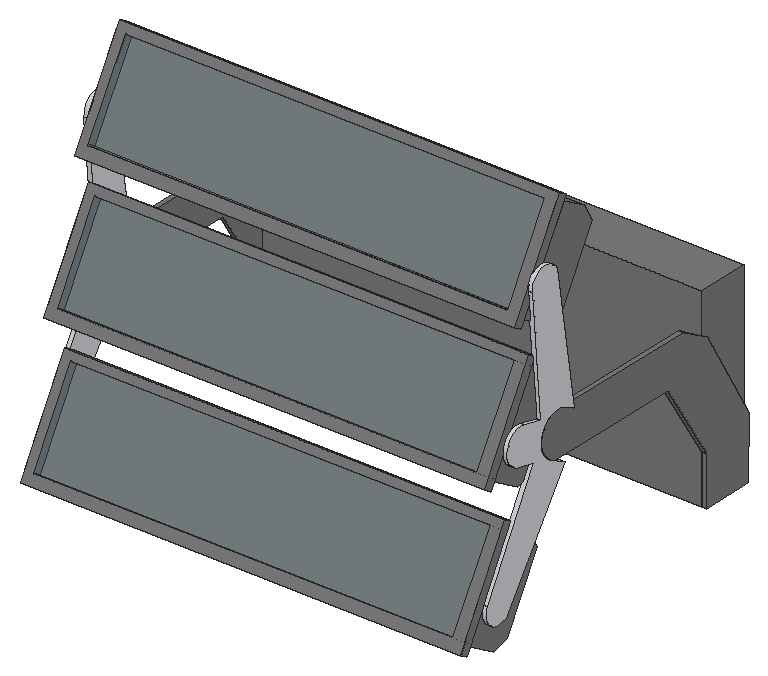
Revit family "Lighting-Floodlights-GEWISS-SPATIUMPRO3-LED-FLOODLIGHT_OPTIC-CIRCULAR_3MODULES", category Apparecchi per illuminazione, host Superficie, Revit 2019
Family settings
  Host = Superficie
  Quota connettore circolare = Usa diametro
  Tipo di parte = Normale
  Taglio con vuoti quando caricato = No
  Sorgente d'illuminazione = Sì
  Condiviso = Sì
  Punto di calcolo locali = Sì
Parameters (values of type "GWP3333AF857 - SPATIUM PRO 3M CL.I C1 CRI 80 5700K")
  larghezza lampada = Lugnezza massima - 24 mm  # 50 mm
  Wiring = "Watertight connector between floodlight and supply unit"
  Weight (kg): = "30 "
  Wattage = 9.2903 W
  Warranty = "5 years"
  Visibilità etichetta [instance] = yes
  Visibilità simbolo [instance] = yes
  Visibilità lampada in pianta [instance] = yes
  Versions = "Cold light 5700K"
  Version file RFA = "21.9"
  Variazione temperatura colore lampada con luminosità attenuata = <Nessuno>
  Unique digital code (Datamatrix) = "Currently not present"
  Unified Glare Rating = "ULOR = 0%"
  URL = "https://www.gewiss.com/ww/en"
  Type of light source = "LED - Not replaceable"
  Tilt- = "Rotation on bracket with integrated goniometer"
  built-in parameter 1150107 = 3200 (stored number, unit not read)
  Technical sheet = "https://www.gewiss.com/ww/en/search?q=GWP3333AF857"
  System power = "1200 W"
  Supply voltage = "See external supply unit"
  Standard- = "EN 60598-1; EN 60598-2-5; IEC/TR 62778; EN 62493"
  Standard Deviation Colour Matching = "SDCM = 5"
  Spostamento_x_effettivo [instance] = 4000 mm - Spostamento_x  # 4000 mm
  Spostamento_x [instance] = 0 mm
  Spostamento_y_effettivo [instance] = 4000 mm - Spostamento_y  # 4000 mm
  Spostamento_y [instance] = 0 mm
  Shock resistance = "IK08"
  Shield type = "Flat tempered glass 4mm"
  Realized by GEWISS S.p.A. = ""
  Rated frequency (Hz) = "See external supply unit"
  ROTAZIONE [instance] = 45
  built-in parameter 1150110 = 1 (stored number, unit not read)
  built-in parameter 1150109 = 1 (stored number, unit not read)
  built-in parameter 1114218 = 1 (stored number, unit not read)
  built-in parameter 1150112 = 1 (stored number, unit not read)
  POSIZIONE = 80000  # constant formula
  Overvoltage protection = "See external supply unit"
  Optic Maintenance = "Not available"
  Optic : = "Lens T.I.R.Ex. in PMMA HT"
  Optic = "Circular 40°"
  Operating temperature : = "-25 +50 °C"
  built-in parameter 1150142 = (empty or 0)
  Mouting and installation = "High-mast lighting - Wall mounting"
  built-in parameter 1150137 = (empty or 0)
  built-in parameter 1150132 = (empty or 0)
  Maximum surface exposed to the wind : = "0,36 m²"
  Luminaire = "High power LED floodlight"
  Lumen output (lm) = "127000 "
  Lugnezza massima = 74 mm
  Default Elevation = 1219.2 mm
  Produttore = "GEWISS S.p.A."
  Modello = "GWP3333AF857"
  Lifetime = "L90B10(Tq25°C)>100.000h; L80B10(Tq25°C)>150.000h"
  LED Maintenance = "Yes"
  built-in parameter 1150105 = 109.82 (stored number, unit not read)
  built-in parameter 1150102 = (empty or 0)
  Insulation class = "I"
  Immagine tipo = SPATIUMpro3.jpg
  built-in parameter 1150106 = 1.0982 (stored number, unit not read)
  IPEA = "LARGE AREAS = A+ // GREEN AREAS = A"
  IP degree = "IP66"
  IDT = "a1f27a78-0029-43aa-8729-98272c78300a"
  IDF = "6479fb06-fd1c-4db0-b01e-e80072d6b773"
  Gasket = "Anti-aging silicone"
  Lumens = 1380 lm
  Fixing = "Bracket"
  Color Filter = 16777215
  File diagramma fotometrico = "generic"
  built-in parameter 1114217 = 1 (stored number, unit not read)
  built-in parameter 1150139 = (empty or 0)
  External screw = "Stainless steel"
  Emetti da lunghezza linea = 609.6 mm
  Efficiency (lm/W) = "106 "
  built-in parameter 1150104 = 13.8 (stored number, unit not read)
  EAN code = ""
  Driver failure rate = "See external supply unit"
  Driver Box = "External"
  Driver = "To be ordered separately"
  Distanza dal host [instance] = 0 mm
  built-in parameter 1150115 = 1 (stored number, unit not read)
  built-in parameter 1150114 = 1 (stored number, unit not read)
  built-in parameter 1150113 = 1 (stored number, unit not read)
  Descrizione = "SPATIUM PRO 3M CL.I C1 CRI 80 5700K"
  Control System = "See external supply unit"
  Context = "Big areas"
  Colour temperature = "5700 K"
  Colour : = "Polyester powder coated"
  Colour = "Graphite grey"
  built-in parameter 1150134 = 3
  built-in parameter 1150138 = (empty or 0)
  Color Rendering Index = "CRI 80"
  Catalogue = "LIGHTING"
  COBie.Tagnumber = ""
  COBie.CreatedOn = ""
  COBie.CreatebBy = ""
  COBie.ComponentRegisterItemID = ""
  COBie.Component.TagNumber = ""
  COBie.Component.Space = ""
  COBie.Component.SerialNumber = ""
  COBie.Component.InstallationDate = ""
  COBie.Component.Description = ""
  COBie.Component.BarCode = ""
  Body = "Die-cast aluminium"
  Application = "Indoor / Outdoor"
  Tilt Angle = 60.00°
  built-in parameter 1150133 = 10 (stored number, unit not read)
Types (6, lengths in mm): name | Versions | Technical sheet | Lumen output (lm) | Modello | IPEA | IDT | Efficiency (lm/W) | Descrizione | Colour temperature | Color Rendering Index
  GWP3333AF730 - SPATIUM PRO 3M CL.I C1 CRI 70 3000K | "Hot light 3000K" | "https://www.gewiss.com/ww/en/search?q=GWP3333AF730" | "138000 " | "GWP3333AF730" | "LARGE AREAS = A++ // GREEN AREAS = A+" | "b1a65a4a-98e1-45ef-8753-f5cb49434af0" | "115 " | "SPATIUM PRO 3M CL.I C1 CRI 70 3000K" | "3000 K" | "CRI70"
  GWP3333AF740 - SPATIUM PRO 3M CL.I C1 CRI 70 4000K | "Natural light 4000K" | "https://www.gewiss.com/ww/en/search?q=GWP3333AF740" | "147000 " | "GWP3333AF740" | "LARGE AREAS = A3+ // GREEN AREAS = A+" | "a063a198-b9e4-4eae-aa51-8c6539e2b947" | "123 " | "SPATIUM PRO 3M CL.I C1 CRI 70 4000K" | "4000 K" | "CRI70"
  GWP3333AF757 - SPATIUM PRO 3M CL.I C1 CRI 70 5700K | "Cold light 5700K" | "https://www.gewiss.com/ww/en/search?q=GWP3333AF757" | "147000 " | "GWP3333AF757" | "LARGE AREAS = A3+ // GREEN AREAS = A+" | "975b7f27-620c-4565-9b32-e8f6498ea203" | "123 " | "SPATIUM PRO 3M CL.I C1 CRI 70 5700K" | "5700 K" | "CRI70"
  GWP3333AF830 - SPATIUM PRO 3M CL.I C1 CRI 80 3000K | "Hot light 3000K" | "https://www.gewiss.com/ww/en/search?q=GWP3333AF830" | "123000 " | "GWP3333AF830" | "LARGE AREAS = A // GREEN AREAS = B" | "52302ccf-0e7f-4a6b-b8be-64b50492513e" | "103 " | "SPATIUM PRO 3M CL.I C1 CRI 80 3000K" | "3000 K" | "CRI 80"
  GWP3333AF840 - SPATIUM PRO 3M CL.I C1 CRI 80 4000K | "Natural light 4000K" | "https://www.gewiss.com/ww/en/search?q=GWP3333AF840" | "127000 " | "GWP3333AF840" | "LARGE AREAS = A+ // GREEN AREAS = A" | "18c3d61b-6598-498d-88ae-16183cf15296" | "106 " | "SPATIUM PRO 3M CL.I C1 CRI 80 4000K" | "4000 K" | "CRI 80"
  GWP3333AF857 - SPATIUM PRO 3M CL.I C1 CRI 80 5700K | "Cold light 5700K" | "https://www.gewiss.com/ww/en/search?q=GWP3333AF857" | "127000 " | "GWP3333AF857" | "LARGE AREAS = A+ // GREEN AREAS = A" | "a1f27a78-0029-43aa-8729-98272c78300a" | "106 " | "SPATIUM PRO 3M CL.I C1 CRI 80 5700K" | "5700 K" | "CRI 80"
Reference planes
  plane 1 "Centro (Fronte/Retro)": y = 0
  plane 2: z = 0
  plane 3 "Centro (Sinistra/Destra)": x = 0
  plane 4: x = -4000
  plane 5: x = 0
  plane 6: x = 0
  plane 7: y = -4000
  plane 8: y = 0
  plane 9 "a": through (0, -290.182, 34.975) normal (0, -0.7071, 0.7071)
  plane 10: through (-235.047, -128.222, 1219.2) normal (-0.9563, 0.2924, 0)
  plane 11: through (-40, -89.462, 1219.2) normal (0.1564, 0.9877, 0)
  plane 12: through (239.503, 190.64, 1219.2) normal (0.9563, -0.2924, 0)
Dimensions and locks
  plane 4 to plane 3 "Centro (Sinistra/Destra)" = 4000 mm  (x2)
  "Spostamento_x_effettivo": plane 4 to plane 5
  "Spostamento_x_effettivo": plane 6 to plane 4
  "Spostamento_y_effettivo": plane 8 to plane 7
  plane 1 "Centro (Fronte/Retro)" to plane 7 = 4000 mm
  angle plane 11 to plane 12 = 82.00°  (x2)
  angle plane 10 to plane 11 = 98.00°
  aligned and locked: plane 2 to host face
  aligned and locked: level to host face
  aligned and locked: plane 6 to nested 1
  aligned and locked: nested 1 to plane 8
  aligned and locked: plane 8 to nested 2
  aligned and locked: imposter light to nested 2
Automatic sketch dimensions
  host sketch curve to host sketch curve = 2438.4 mm  (x2)
Nested families
  nested 1: "Etichetta light" at (0, 0, 0), visible <- "Visibilità etichetta", type "Etichetta light"
  nested 2: "STADIUM PRO 3_led" at (0, -90, 0), type "STADIUM PRO 3_led"
Definition of nested family "STADIUM PRO 3_led"
  Parameters (values of type "STADIUM PRO 3_led")
    led = none
    l_proiettore = 772 mm
    h_lampada = 58 mm
    Finitura struttura = none
  Reference planes
    plane 1 "Centro (Fronte/Retro)": y = 0
    plane 2: z = 0
    plane 3 "Centro (Sinistra/Destra)": x = 0
    plane 4: x = 386
    plane 5: x = 378
    plane 6: x = -386
    plane 7: x = -378
    plane 8: y = 90
  Forms (mm)
    Extrusion 1, solid, material <- "Finitura struttura"
      sketch origin (0, 0, 0) x (0, 1, 0) y (0, 0, -1)
        loop
          arc (-316.352, -217.267) -> (-353.722, -254.637) -> (-316.352, -292.007) r 37.37
          line (-316.352, -292.007) -> (-48.852, -292.007) -> (0, -263.802) -> (90, -107.918) -> (90, 0) -> (0, 0) -> (0, -85) -> (-82.649, -217.267) -> (-316.352, -217.267)
      from 378 to 386
    Extrusion 2, solid, material <- "Finitura struttura"
      sketch origin (0, 0, 0) x (1, 0, 0) y (0, 1, 0)
        loop
          line (378, 0) -> (378, 90) -> (-378, 90) -> (-378, 0) -> (378, 0)
      from 0 to 333
    Extrusion 3, solid, material <- "Finitura struttura"
      sketch origin (0, 0, 0) x (0, 1, 0) y (0, 0, 1)
        loop
          line (-316.352, 217.267) -> (-82.649, 217.267) -> (0, 85) -> (0, 0) -> (90, 0) -> (90, 107.918) -> (0, 263.802) -> (-48.852, 292.007) -> (-316.352, 292.007)
          arc (-316.352, 292.007) -> (-353.722, 254.637) -> (-316.352, 217.267) r 37.37
      from 378 to 386
    Extrusion 4, solid, material <- "led"
      sketch origin (0, 1268.525, -1383.744) x (0, 0.866025, -0.5) y (0, 0.5, 0.866025)
        loop
          line (-2238.14, 322.274) -> (-2223.14, 322.274) -> (-2223.14, 482.274) -> (-2238.14, 482.274) -> (-2238.14, 322.274)
      from -378 to 378
    Extrusion 5, solid, material <- "Finitura struttura"
      sketch origin (0, 1262.235, -1379.076) x (0, 0.866025, -0.5) y (0, 0.5, 0.866025)
        loop
          line (-2215.359, 316.368) -> (-2156.261, 316.368) -> (-2135.048, 337.581) -> (-2135.048, 467.581) -> (-2165.359, 485.081) -> (-2215.359, 485.081) -> (-2215.359, 316.368)
      from -378 to 378
    Extrusion 6, solid, material <- "Finitura struttura"
      sketch origin (0, -28.39, -231.475) x (1, 0, 0) y (0, 0.5, 0.866025)
        loop
          line (-378, 146.542) -> (-378, -45.315) -> (378, -45.315) -> (378, 146.542) -> (-378, 146.542)
        loop
          line (-362.033, 132.837) -> (-362.033, -27.163) -> (357.967, -27.163) -> (357.967, 132.837) -> (-362.033, 132.837)
      from 523.844 to 538.844
    Extrusion 7, solid, material <- "Finitura struttura", not visible
      sketch origin (0, 1866.103, -348.539) x (0, 1, 0) y (0, 0, 1)
        loop
          line (-2215.359, 316.368) -> (-2156.261, 316.368) -> (-2135.048, 337.581) -> (-2135.048, 467.581) -> (-2165.359, 485.081) -> (-2215.359, 485.081) -> (-2215.359, 316.368)
      from -378 to 378
    Extrusion 8, solid, material <- "Finitura struttura", not visible
      sketch origin (0, 0, 0) x (1, 0, 0) y (0, 0, 1)
        loop
          line (-378, 146.542) -> (-378, -45.315) -> (378, -45.315) -> (378, 146.542) -> (-378, 146.542)
        loop
          line (-362.033, 132.837) -> (-362.033, -27.163) -> (357.967, -27.163) -> (357.967, 132.837) -> (-362.033, 132.837)
      from 349.256 to 364.256
    Extrusion 9, solid, material <- "Finitura struttura"
      sketch origin (0, 1313.7, -1147.467) x (0, 0.866025, -0.5) y (0, 0.5, 0.866025)
        loop
          line (-2215.359, 316.368) -> (-2156.261, 316.368) -> (-2135.048, 337.581) -> (-2135.048, 467.581) -> (-2165.359, 485.081) -> (-2215.359, 485.081) -> (-2215.359, 316.368)
      from -378 to 378
    Extrusion 10, solid, material <- "Finitura struttura"
      sketch origin (0, -128.124, 87.428) x (1, 0, 0) y (0, 0.5, 0.866025)
        loop
          line (-378, 146.542) -> (-378, -45.315) -> (378, -45.315) -> (378, 146.542) -> (-378, 146.542)
        loop
          line (-362.033, 132.837) -> (-362.033, -27.163) -> (357.967, -27.163) -> (357.967, 132.837) -> (-362.033, 132.837)
      from 349.256 to 364.256
    Extrusion 11, solid, material <- "Finitura struttura"
      sketch origin (0, 1379.031, -926.749) x (0, 0.866025, -0.5) y (0, 0.5, 0.866025)
        loop
          line (-2215.359, 316.368) -> (-2156.261, 316.368) -> (-2135.048, 337.581) -> (-2135.048, 467.581) -> (-2165.359, 485.081) -> (-2215.359, 485.081) -> (-2215.359, 316.368)
      from -378 to 378
    Extrusion 12, solid, material <- "Finitura struttura"
      sketch origin (0, -62.793, 308.146) x (1, 0, 0) y (0, 0.5, 0.866025)
        loop
          line (-378, 146.542) -> (-378, -45.315) -> (378, -45.315) -> (378, 146.542) -> (-378, 146.542)
        loop
          line (-362.033, 132.837) -> (-362.033, -27.163) -> (357.967, -27.163) -> (357.967, 132.837) -> (-362.033, 132.837)
      from 349.256 to 364.256
    Extrusion 13, solid, material <- "led", not visible
      sketch origin (0, 1873.885, -376.937) x (0, 1, 0) y (0, 0, 1)
        loop
          line (-2238.14, 322.274) -> (-2223.14, 322.274) -> (-2223.14, 482.274) -> (-2238.14, 482.274) -> (-2238.14, 322.274)
      from -378 to 378
    Extrusion 14, solid, material <- "Finitura struttura", not visible
      sketch origin (0, 1866.103, -376.039) x (0, 1, 0) y (0, 0, 1)
        loop
          line (-2215.359, 316.368) -> (-2156.261, 316.368) -> (-2135.048, 337.581) -> (-2135.048, 467.581) -> (-2165.359, 485.081) -> (-2215.359, 485.081) -> (-2215.359, 316.368)
      from -378 to 378
    Extrusion 15, solid, material <- "Finitura struttura", not visible
      sketch origin (0, 0, -27.5) x (1, 0, 0) y (0, 0, 1)
        loop
          line (-378, 146.542) -> (-378, -45.315) -> (378, -45.315) -> (378, 146.542) -> (-378, 146.542)
        loop
          line (-362.033, 132.837) -> (-362.033, -27.163) -> (357.967, -27.163) -> (357.967, 132.837) -> (-362.033, 132.837)
      from 349.256 to 364.256
    Extrusion 16, solid, material <- "Finitura struttura", not visible
      sketch origin (0, 1794.869, -149.727) x (0, 1, 0) y (0, 0, 1)
        loop
          line (-2215.359, 316.368) -> (-2156.261, 316.368) -> (-2135.048, 337.581) -> (-2135.048, 467.581) -> (-2165.359, 485.081) -> (-2215.359, 485.081) -> (-2215.359, 316.368)
      from -378 to 378
    Extrusion 17, solid, material <- "Finitura struttura", not visible
      sketch origin (0, -71.234, 198.812) x (1, 0, 0) y (0, 0, 1)
        loop
          line (-378, 146.542) -> (-378, -45.315) -> (378, -45.315) -> (378, 146.542) -> (-378, 146.542)
        loop
          line (-362.033, 132.837) -> (-362.033, -27.163) -> (357.967, -27.163) -> (357.967, 132.837) -> (-362.033, 132.837)
      from 349.256 to 364.256
    Extrusion 18, solid, material <- "Finitura struttura", not visible
      sketch origin (0, 1741.088, 74.086) x (0, 1, 0) y (0, 0, 1)
        loop
          line (-2215.359, 316.368) -> (-2156.261, 316.368) -> (-2135.048, 337.581) -> (-2135.048, 467.581) -> (-2165.359, 485.081) -> (-2215.359, 485.081) -> (-2215.359, 316.368)
      from -378 to 378
    Extrusion 19, solid, material <- "Finitura struttura", not visible
      sketch origin (0, -125.015, 422.625) x (1, 0, 0) y (0, 0, 1)
        loop
          line (-378, 146.542) -> (-378, -45.315) -> (378, -45.315) -> (378, 146.542) -> (-378, 146.542)
        loop
          line (-362.033, 132.837) -> (-362.033, -27.163) -> (357.967, -27.163) -> (357.967, 132.837) -> (-362.033, 132.837)
      from 349.256 to 364.256
    Extrusion 20, solid, material <- "led", not visible
      sketch origin (0, 1268.525, -1383.744) x (0, 0.866025, -0.5) y (0, 0.5, 0.866025)
        loop
          line (-2238.14, 322.274) -> (-2223.14, 322.274) -> (-2223.14, 482.274) -> (-2238.14, 482.274) -> (-2238.14, 322.274)
      from -378 to 378
    Extrusion 21, solid, material <- "Finitura struttura", not visible
      sketch origin (0, 1262.235, -1379.076) x (0, 0.866025, -0.5) y (0, 0.5, 0.866025)
        loop
          line (-2215.359, 316.368) -> (-2156.261, 316.368) -> (-2135.048, 337.581) -> (-2135.048, 467.581) -> (-2165.359, 485.081) -> (-2215.359, 485.081) -> (-2215.359, 316.368)
      from -378 to 378
    Extrusion 22, solid, material <- "Finitura struttura", not visible
      sketch origin (0, -28.39, -231.475) x (1, 0, 0) y (0, 0.5, 0.866025)
        loop
          line (-378, 146.542) -> (-378, -45.315) -> (378, -45.315) -> (378, 146.542) -> (-378, 146.542)
        loop
          line (-362.033, 132.837) -> (-362.033, -27.163) -> (357.967, -27.163) -> (357.967, 132.837) -> (-362.033, 132.837)
      from 523.844 to 538.844
    Extrusion 23, solid, material <- "Finitura struttura", not visible
      sketch origin (0, 1379.031, -926.749) x (0, 0.866025, -0.5) y (0, 0.5, 0.866025)
        loop
          line (-2215.359, 316.368) -> (-2156.261, 316.368) -> (-2135.048, 337.581) -> (-2135.048, 467.581) -> (-2165.359, 485.081) -> (-2215.359, 485.081) -> (-2215.359, 316.368)
      from -378 to 378
    Extrusion 24, solid, material <- "Finitura struttura", not visible
      sketch origin (0, -62.793, 308.146) x (1, 0, 0) y (0, 0.5, 0.866025)
        loop
          line (-378, 146.542) -> (-378, -45.315) -> (378, -45.315) -> (378, 146.542) -> (-378, 146.542)
        loop
          line (-362.033, 132.837) -> (-362.033, -27.163) -> (357.967, -27.163) -> (357.967, 132.837) -> (-362.033, 132.837)
      from 349.256 to 364.256
    Extrusion 25, solid, material <- "led"
      sketch origin (0, 1319.99, -1152.136) x (0, 0.866025, -0.5) y (0, 0.5, 0.866025)
        loop
          line (-2238.14, 322.274) -> (-2223.14, 322.274) -> (-2223.14, 482.274) -> (-2238.14, 482.274) -> (-2238.14, 322.274)
      from -378 to 378
    Extrusion 26, solid, material <- "led"
      sketch origin (0, 1386.433, -929.491) x (0, 0.866025, -0.5) y (0, 0.5, 0.866025)
        loop
          line (-2238.14, 322.274) -> (-2223.14, 322.274) -> (-2223.14, 482.274) -> (-2238.14, 482.274) -> (-2238.14, 322.274)
      from -378 to 378
  Dimensions and locks
    locked: plane 5 to plane 4 at 8
    equal spacing: plane 6, plane 3 "Centro (Sinistra/Destra)", plane 4
    "l_proiettore": plane 6 to plane 4
    locked: plane 6 to plane 7 at 8
    locked: plane 1 "Centro (Fronte/Retro)" to plane 8 at 90
    plane 6 to plane 7 = 8 mm
    aligned and locked: level to plane 2
    aligned and locked: Extrusion 1 to plane 7
    aligned and locked: plane 6 to Extrusion 1
    aligned and locked: Extrusion 2 sketch curve to plane 7
    aligned and locked: Extrusion 2 sketch curve to plane 5
    aligned and locked: plane 1 "Centro (Fronte/Retro)" to Extrusion 2
    aligned and locked: plane 8 to Extrusion 2
    aligned and locked: Extrusion 3 to plane 4
    aligned and locked: plane 5 to Extrusion 3
    aligned and locked: plane 4 to nested 1
    aligned and locked: plane 7 to Extrusion 4
    aligned and locked: Extrusion 4 to plane 5
    aligned and locked: Extrusion 5 to Extrusion 1
    aligned and locked: Extrusion 5 to plane 5
    aligned and locked: Extrusion 6 to Extrusion 4  (x2)
    aligned and locked: Extrusion 4 sketch curve to Extrusion 6  (x2)
    aligned and locked: Extrusion 13 sketch curve to Extrusion 15  (x2)
    aligned and locked: Extrusion 20 sketch curve to Extrusion 22  (x2)
  Automatic sketch dimensions
    Extrusion 7 sketch curve to Extrusion 7 sketch curve = 21.213 mm  (x2)
    Extrusion 7 sketch curve to Extrusion 7 sketch curve = 17.5 mm
    Extrusion 8 sketch curve to Extrusion 8 sketch curve = 18.152 mm
    Extrusion 8 sketch curve to Extrusion 8 sketch curve = 13.704 mm
    Extrusion 7 sketch curve to Extrusion 7 sketch curve = 50 mm
    Extrusion 7 sketch curve to Extrusion 7 sketch curve = 59.098 mm
    Extrusion 7 sketch curve to Extrusion 7 sketch curve = 130 mm
    Extrusion 8 sketch curve to Extrusion 8 sketch curve = 15.967 mm
    Extrusion 8 sketch curve to Extrusion 8 sketch curve = 720 mm
    Extrusion 8 sketch curve to Extrusion 8 sketch curve = 20.033 mm
    Extrusion 8 sketch curve to Extrusion 8 sketch curve = 160 mm
    Extrusion 14 sketch curve to Extrusion 14 sketch curve = 21.213 mm  (x2)
    Extrusion 14 sketch curve to Extrusion 14 sketch curve = 17.5 mm
    Extrusion 15 sketch curve to Extrusion 15 sketch curve = 18.152 mm
    Extrusion 15 sketch curve to Extrusion 15 sketch curve = 13.704 mm
    Extrusion 14 sketch curve to Extrusion 14 sketch curve = 50 mm
    Extrusion 14 sketch curve to Extrusion 14 sketch curve = 59.098 mm
    Extrusion 14 sketch curve to Extrusion 14 sketch curve = 130 mm
    Extrusion 15 sketch curve to Extrusion 15 sketch curve = 15.967 mm
    Extrusion 15 sketch curve to Extrusion 15 sketch curve = 720 mm
    Extrusion 15 sketch curve to Extrusion 15 sketch curve = 20.033 mm
    Extrusion 15 sketch curve to Extrusion 15 sketch curve = 160 mm
    Extrusion 16 sketch curve to Extrusion 16 sketch curve = 21.213 mm  (x2)
    Extrusion 16 sketch curve to Extrusion 16 sketch curve = 17.5 mm
    Extrusion 17 sketch curve to Extrusion 17 sketch curve = 18.152 mm
    Extrusion 17 sketch curve to Extrusion 17 sketch curve = 13.704 mm
    Extrusion 16 sketch curve to Extrusion 16 sketch curve = 50 mm
    Extrusion 16 sketch curve to Extrusion 16 sketch curve = 59.098 mm
    Extrusion 16 sketch curve to Extrusion 16 sketch curve = 130 mm
    Extrusion 17 sketch curve to Extrusion 17 sketch curve = 15.967 mm
    Extrusion 17 sketch curve to Extrusion 17 sketch curve = 720 mm
    Extrusion 17 sketch curve to Extrusion 17 sketch curve = 20.033 mm
    Extrusion 17 sketch curve to Extrusion 17 sketch curve = 160 mm
    Extrusion 18 sketch curve to Extrusion 18 sketch curve = 21.213 mm  (x2)
    Extrusion 18 sketch curve to Extrusion 18 sketch curve = 17.5 mm
    Extrusion 19 sketch curve to Extrusion 19 sketch curve = 18.152 mm
    Extrusion 19 sketch curve to Extrusion 19 sketch curve = 13.704 mm
    Extrusion 18 sketch curve to Extrusion 18 sketch curve = 50 mm
    Extrusion 18 sketch curve to Extrusion 18 sketch curve = 59.098 mm
    Extrusion 18 sketch curve to Extrusion 18 sketch curve = 130 mm
    Extrusion 19 sketch curve to Extrusion 19 sketch curve = 15.967 mm
    Extrusion 19 sketch curve to Extrusion 19 sketch curve = 720 mm
    Extrusion 19 sketch curve to Extrusion 19 sketch curve = 20.033 mm
    Extrusion 19 sketch curve to Extrusion 19 sketch curve = 160 mm
    Extrusion 13 sketch curve to Extrusion 13 sketch curve = 15 mm
    Extrusion 21 sketch curve to Extrusion 21 sketch curve = 21.213 mm  (x2)
    Extrusion 21 sketch curve to Extrusion 21 sketch curve = 17.5 mm
    Extrusion 22 sketch curve to Extrusion 22 sketch curve = 18.152 mm
    Extrusion 22 sketch curve to Extrusion 22 sketch curve = 13.704 mm
    Extrusion 21 sketch curve to Extrusion 21 sketch curve = 50 mm
    Extrusion 21 sketch curve to Extrusion 21 sketch curve = 59.098 mm
    Extrusion 21 sketch curve to Extrusion 21 sketch curve = 130 mm
    Extrusion 22 sketch curve to Extrusion 22 sketch curve = 15.967 mm
    Extrusion 22 sketch curve to Extrusion 22 sketch curve = 720 mm
    Extrusion 22 sketch curve to Extrusion 22 sketch curve = 20.033 mm
    Extrusion 22 sketch curve to Extrusion 22 sketch curve = 160 mm
    Extrusion 23 sketch curve to Extrusion 23 sketch curve = 21.213 mm  (x2)
    Extrusion 23 sketch curve to Extrusion 23 sketch curve = 17.5 mm
    Extrusion 24 sketch curve to Extrusion 24 sketch curve = 18.152 mm
    Extrusion 24 sketch curve to Extrusion 24 sketch curve = 13.704 mm
    Extrusion 23 sketch curve to Extrusion 23 sketch curve = 50 mm
    Extrusion 23 sketch curve to Extrusion 23 sketch curve = 59.098 mm
    Extrusion 23 sketch curve to Extrusion 23 sketch curve = 130 mm
    Extrusion 24 sketch curve to Extrusion 24 sketch curve = 15.967 mm
    Extrusion 24 sketch curve to Extrusion 24 sketch curve = 720 mm
    Extrusion 24 sketch curve to Extrusion 24 sketch curve = 20.033 mm
    Extrusion 24 sketch curve to Extrusion 24 sketch curve = 160 mm
    Extrusion 20 sketch curve to Extrusion 20 sketch curve = 15 mm
    Extrusion 1 sketch curve to plane 1 "Centro (Fronte/Retro)" = 0 mm  (x2)
    Extrusion 1 sketch curve to level = 0 mm
    Extrusion 1 sketch curve to plane 8 = 0 mm
    plane 1 "Centro (Fronte/Retro)" to Extrusion 1 sketch curve = 48.852 mm
    Extrusion 1 sketch curve to Extrusion 1 sketch curve = 33.798 mm
    Extrusion 1 sketch curve to Extrusion 1 sketch curve = 233.702 mm
    level to Extrusion 1 sketch curve = 85 mm
    Extrusion 1 sketch curve to Extrusion 1 sketch curve = 22.918 mm
    Extrusion 1 sketch curve to Extrusion 1 sketch curve = 132.267 mm
    Extrusion 1 sketch curve to Extrusion 1 sketch curve = 37.37 mm
    Extrusion 1 sketch curve to Extrusion 1 sketch curve = 28.204 mm
    plane 1 "Centro (Fronte/Retro)" to Extrusion 2 sketch curve = 0 mm
    Extrusion 2 sketch curve to plane 8 = 0 mm
    Extrusion 3 sketch curve to plane 1 "Centro (Fronte/Retro)" = 0 mm  (x2)
    Extrusion 3 sketch curve to level = 0 mm
    Extrusion 3 sketch curve to plane 8 = 0 mm
    plane 1 "Centro (Fronte/Retro)" to Extrusion 3 sketch curve = 48.852 mm
    Extrusion 3 sketch curve to Extrusion 3 sketch curve = 33.798 mm
    Extrusion 3 sketch curve to Extrusion 3 sketch curve = 233.702 mm
    level to Extrusion 3 sketch curve = 85 mm
    Extrusion 3 sketch curve to Extrusion 3 sketch curve = 22.918 mm
    level to Extrusion 3 sketch curve = 217.267 mm
    Extrusion 3 sketch curve to Extrusion 3 sketch curve = 37.37 mm
    Extrusion 3 sketch curve to Extrusion 3 sketch curve = 28.204 mm
    level to Extrusion 4 sketch curve = 152.988 mm
    Extrusion 4 sketch curve to Extrusion 4 sketch curve = 15 mm
    level to Extrusion 5 sketch curve = 2.586 mm
    plane 1 "Centro (Fronte/Retro)" to Extrusion 5 sketch curve = 498.139 mm
    Extrusion 5 sketch curve to Extrusion 5 sketch curve = 50 mm
    Extrusion 5 sketch curve to Extrusion 5 sketch curve = 59.098 mm
    Extrusion 5 sketch curve to Extrusion 5 sketch curve = 21.213 mm  (x2)
    Extrusion 5 sketch curve to Extrusion 5 sketch curve = 130 mm
    Extrusion 5 sketch curve to Extrusion 5 sketch curve = 17.5 mm
    Extrusion 6 sketch curve to plane 7 = 0 mm
    Extrusion 6 sketch curve to plane 5 = 0 mm
    Extrusion 6 sketch curve to plane 7 = 15.967 mm
    plane 5 to Extrusion 6 sketch curve = 20.033 mm
    Extrusion 6 sketch curve to Extrusion 6 sketch curve = 18.152 mm
    Extrusion 6 sketch curve to Extrusion 6 sketch curve = 160 mm
    Extrusion 6 sketch curve to Extrusion 6 sketch curve = 13.704 mm
    level to Extrusion 9 sketch curve = 234.195 mm
    plane 1 "Centro (Fronte/Retro)" to Extrusion 9 sketch curve = 446.674 mm
    Extrusion 9 sketch curve to Extrusion 9 sketch curve = 50 mm
    Extrusion 9 sketch curve to Extrusion 9 sketch curve = 59.098 mm
    Extrusion 9 sketch curve to Extrusion 9 sketch curve = 21.213 mm  (x2)
    Extrusion 9 sketch curve to Extrusion 9 sketch curve = 130 mm
    Extrusion 9 sketch curve to Extrusion 9 sketch curve = 17.5 mm
    Extrusion 10 sketch curve to plane 7 = 0 mm
    Extrusion 10 sketch curve to plane 5 = 0 mm
    Extrusion 10 sketch curve to plane 7 = 15.967 mm
    plane 5 to Extrusion 10 sketch curve = 20.033 mm
    Extrusion 10 sketch curve to Extrusion 10 sketch curve = 18.152 mm
    Extrusion 10 sketch curve to Extrusion 10 sketch curve = 160 mm
    Extrusion 10 sketch curve to Extrusion 10 sketch curve = 13.704 mm
    plane 1 "Centro (Fronte/Retro)" to Extrusion 11 sketch curve = 381.342 mm
    level to Extrusion 11 sketch curve = 454.913 mm
    Extrusion 11 sketch curve to Extrusion 11 sketch curve = 50 mm
    Extrusion 11 sketch curve to Extrusion 11 sketch curve = 59.098 mm
    Extrusion 11 sketch curve to Extrusion 11 sketch curve = 21.213 mm  (x2)
    Extrusion 11 sketch curve to Extrusion 11 sketch curve = 130 mm
    Extrusion 11 sketch curve to Extrusion 11 sketch curve = 17.5 mm
    Extrusion 12 sketch curve to plane 7 = 0 mm
    Extrusion 12 sketch curve to plane 5 = 0 mm
    Extrusion 12 sketch curve to plane 7 = 15.967 mm
    plane 5 to Extrusion 12 sketch curve = 20.033 mm
    Extrusion 12 sketch curve to Extrusion 12 sketch curve = 18.152 mm
    Extrusion 12 sketch curve to Extrusion 12 sketch curve = 160 mm
    Extrusion 12 sketch curve to Extrusion 12 sketch curve = 13.704 mm
    plane 1 "Centro (Fronte/Retro)" to Extrusion 25 sketch curve = 377.16 mm
    level to Extrusion 25 sketch curve = 384.596 mm
    Extrusion 25 sketch curve to Extrusion 25 sketch curve = 15 mm
    Extrusion 25 sketch curve to Extrusion 25 sketch curve = 160 mm
    plane 1 "Centro (Fronte/Retro)" to Extrusion 26 sketch curve = 310.717 mm
    level to Extrusion 26 sketch curve = 607.241 mm
    Extrusion 26 sketch curve to Extrusion 26 sketch curve = 15 mm
    Extrusion 26 sketch curve to Extrusion 26 sketch curve = 160 mm
  Nested families
    nested 1: "STADIUM PRO 3_led_griglia" at (386, -353.722, -71.791) x (-1, 0, 0) z (0, 0, 1), type "STADIUM PRO 3_led_griglia"
    nested 2: "STADIUM PRO 3_led_griglia" at (-386, -351.222, -72.839), type "STADIUM PRO 3_led_griglia"
    nested 3: "STADIUM PRO 3_led_griglia" at (386, -353.722, -89.291) x (-1, 0, 0) z (0, 0, 1), type "STADIUM PRO 3_led_griglia", not visible
  Definition of nested family "STADIUM PRO 3_led_griglia"
    Parameters (values of type "STADIUM PRO 3_led_griglia")
      led = none
      l_proiettore = 772 mm
      h_lampada = 58 mm
      Finitura struttura = none
    Reference planes
      plane 1 "Centro (Fronte/Retro)": y = 0
      plane 2: z = 0
      plane 3 "Centro (Sinistra/Destra)": x = 0
      plane 4: z = 254.637
      plane 5: x = 8
      plane 6: y = -1611.166
    Forms (mm)
      Extrusion 1, solid
        sketch origin (0, -347.045, 155.161) x (0, -0.87462, -0.48481) y (0, 0.48481, -0.87462)
          loop
            line (-481.926, -221.779) -> (-337.46, -36.872) -> (-356.574, -36.872)
            arc (-356.574, -36.872) -> (-393.653, 0.207) -> (-356.574, 37.286) r 37.079
            line (-356.574, 37.286) -> (-319.987, 37.286) -> (-338.868, 253.098)
            arc (-338.868, 253.098) -> (-366.835, 274.557) -> (-390.65, 248.568) r 26.089
            line (-390.65, 248.568) -> (-390.65, 46.034) -> (-424.457, 55.092)
            arc (-424.457, 55.092) -> (-462.1, 33.359) -> (-440.367, -4.284) r 30.735
            line (-440.367, -4.284) -> (-405.737, -13.563) -> (-520.298, -183.407)
            arc (-520.298, -183.407) -> (-516.928, -218.409) -> (-481.926, -221.779) r 27.641
        from 0 to 8
    Dimensions and locks
      plane 3 "Centro (Sinistra/Destra)" to plane 5 = 8 mm
      aligned and locked: level to plane 2
Definition of nested family "Etichetta light"
  Parameters (values of type "ETICHETTA LIGHT")
    COMMENTI = "330W"
  Reference planes
    plane 1: y = 0
    plane 2: x = 0
  Text (mm)
    label "COMMENTI" at (-0.057, 0.105, 0), shows "COMMENTI"
